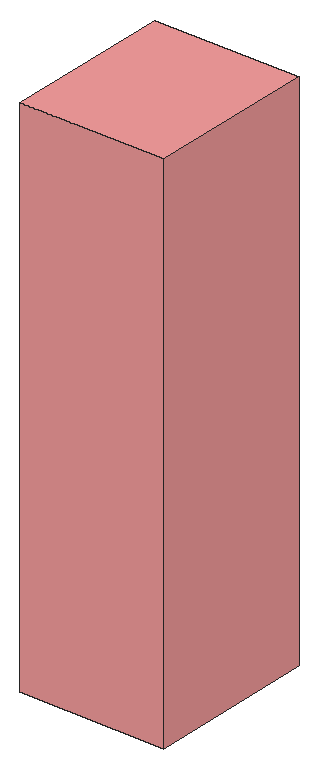
Revit family "_Casework - Generic Cupboard", category Casework, Revit 2016
Family settings
  Work Plane-Based = No
  Always vertical = Yes
  Cut with Voids When Loaded = No
  Shared = No
  Room Calculation Point = No
Parameters
  Width = 0 mm
  Warning Label [instance] = no
  Volume [instance] = Cupd Depth * Cupd Width * Height  # 0.924 m³
  Height = 2200 mm
  Description = "C."
  Depth = 0 mm
  Cupd Width [instance] = 600 mm
  Cupd Depth [instance] = 700 mm
  Annotation = no
Reference planes
  plane 1 "Center (Front/Back)": y = 0
  plane 2: z = 0
  plane 3 "Center (Left/Right)": x = 200
  plane 4: z = 2200
  plane 5: x = 500
  plane 6: y = 350
  plane 7: x = -100
  plane 8: y = -350
Forms (mm)
  Extrusion 1, solid
    sketch origin (0, 0, 0) x (1, 0, 0) y (0, 1, 0)
      loop
        line (-100, 350) -> (-100, -350) -> (500, -350) -> (500, 350) -> (-100, 350)
    from 0 to 2200 <- "Height"
Lines and regions (mm)
  Masking region 1
    outline origin (0, 0, 1500) x (-1, 0, 0) y (0, -1, 0)
      loop
        line (100, -350) -> (100, 350) -> (-500, 350) -> (-500, -350) -> (100, -350)
Dimensions and locks
  locked: plane 4 to plane 2 at 2200
  "Cupd Width": plane 7 to plane 5
  "Cupd Depth": plane 6 to plane 8
  equal spacing: plane 7, plane 3 "Center (Left/Right)", plane 5
  equal spacing: plane 6, plane 1 "Center (Front/Back)", plane 8
  aligned and locked: level to plane 2
  aligned and locked: Extrusion 1 sketch curve to plane 6
  aligned and locked: Extrusion 1 sketch curve to plane 5
  aligned and locked: Masking region 1 sketch curve to plane 5
  aligned and locked: Masking region 1 sketch curve to plane 6
  aligned and locked: Masking region 1 to plane 7
  aligned and locked: Masking region 1 to plane 8
  aligned and locked: Extrusion 1 to plane 7
  aligned and locked: Extrusion 1 to plane 8
  aligned and locked: plane 3 "Center (Left/Right)" to nested 1
  aligned and locked: plane 1 "Center (Front/Back)" to nested 1
Automatic sketch dimensions
  Masking region 1 sketch curve to plane 3 "Center (Left/Right)" = 300 mm
  plane 1 "Center (Front/Back)" to Masking region 1 sketch curve = 350 mm
  Extrusion 1 sketch curve to plane 7 = 0 mm
  Extrusion 1 sketch curve to plane 8 = 0 mm
Nested families
  nested 1: "Text" at (200, 0, 0), visible <- "Annotation", type "FR."
    with Warning "C."
Definition of nested family "Text"
  Parameters (values of type "3200 MIN")
    Warning [instance] = "--"
  Types (2, lengths in mm): name | Warning
    3200 MIN | "--"
    FR. | "FR."
  Reference planes
    plane 1: y = 0
    plane 2: x = 0
  Text (mm)
    label "Text" at (-0.061, 0.093, 0), shows "Warning"
